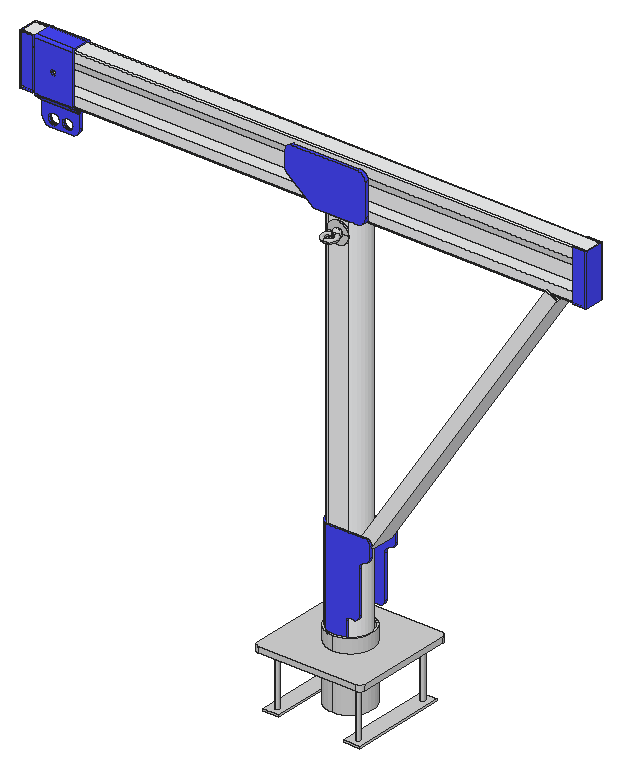
Revit family "FallProtection_DavitBase_Kattsafe_FloorMount_CastInBase", category Specialty Equipment, Revit 2025
Family settings
  Round Connector Dimension = Use Diameter
  Part Type = Normal
  OmniClass Number = 23.27.71.21
  Work Plane-Based = No
  Enable Cutting in Views = No
  Always vertical = Yes
  Cut with Voids When Loaded = Yes
  Maintain Annotation Orientation = No
  Shared = No
  Room Calculation Point = No
Parameters (values of type "1000mm Reach - 1600H (OH510.1600 + OH522)")
  Uniclass2015Version = "Products v1.23"
  Uniclass2015Title = "Davit arms"
  Uniclass2015Code = "Pr_40_70_75_21"
  URL = "https://kattsafe.com.au/"
  Type IFC Predefined Type = "USERDEFINED"
  Type Comments = "1000mm Reach - 1600mm Height Clearance"
  SafetyDisclaimer [instance] = "WARNING! The correct placement of access, fall protection and facade maintenance systems is critical to ensure it is fit-for-purpose and safe for the operator to use. Did you know Kattsafe® have a dedicated team of Height Safety System Design Specialists? Kattsafe® provide one-on-one consultation and system design assistance to ensure you are meeting the stringent requirements of height safety and to give you PEACE OF MIND with your project."  # constant formula
  RightOffset = 907 mm
  OperationalRangeVis [instance] = yes
  OperationalRangeRadius = 1070 mm
  OperationalRangeOA = 1199 mm
  ModifiedIssue = 20240430
  Model = "OH510.1600 + OH522"
  ManufacturerURLProductSpecific = "https://kattsafe.com.au/products/davits-needles/davits"
  ManufacturerSpecCode = Model  # "OH510.1600 + OH522"
  ManufacturerOverallWidth = 2106 mm
  ManufacturerOverallHeight = 1850 mm
  ManufacturerOverallDepth = 400 mm
  ManufacturerHeightFromFFL [instance] = 0 mm
  Manufacturer = "Kattsafe®"  # constant formula
  IfcExportType = "USERDEFINED"
  IfcExportAs = "IfcElementComponentType"
  Export Type to IFC As = "IfcElementComponentType"
  ElementType = "Fall Protection"
  Description = "Kattsafe davits are designed as a cantilevered anchorage device over balustrades, parapets and curtain walls for rope access work."  # constant formula
  Default Elevation = 0 mm
  DavitArmVis = yes
  CreatedByURL = "https://igsgroup.com.au"
  CreatedBy = "IGS BIM Solutions"  # constant formula
  BaseMaterial = Steel_Stainless_Kattsafe_Satin
  Assembly Code = "E1090100"
  ArmWidth = 2106 mm
  ArmVerticalOffset [instance] = ManufacturerHeightFromFFL - 170 mm  # -170 mm
  ArmMaterial = Aluminum_Kattsafe_Satin
  ArmHeight = 1800 mm
  ArmBracketMaterial = Steel_PowderCoat_Kattsafe_Blue
Types (5, lengths in mm): name | Type Comments | RightOffset | OperationalRangeVis | OperationalRangeRadius | OperationalRangeOA | Model | ManufacturerSpecCode | ManufacturerOverallWidth | ManufacturerOverallHeight | ManufacturerHeightFromFFL | DavitArmVis | ArmWidth | ArmVerticalOffset | ArmHeight
  Base Only (OH522) | "Base Only" | 200 | no | 1070 | 1199 | "OH522" | "OH522" | 400 | 270 | 0 | no | 2506 | -170 | 2400
  1000mm Reach - 1600H (OH510.1600 + OH522) | "1000mm Reach - 1600mm Height Clearance" | 907 | yes | 1070 | 1199 | "OH510.1600 + OH522" | "OH510.1600 + OH522" | 2106 | 1850 | 0 | yes | 2106 | -170 | 1800
  1000mm Reach - 2200H (OH510.2200 + OH522) | "1000mm Reach - 2200mm Height Clearance" | 907 | yes | 1070 | 1199 | "OH510.2200 + OH522" | "OH510.2200 + OH522" | 2106 | 2450 | 0 | yes | 2106 | -170 | 2400
  1400mm Reach - 1600H (OH514.1600 + OH522) | "1400mm Reach - 1600mm Height Clearance" | 907 | yes | 1470 | 1599 | "OH514.1600 + OH522" | "OH514.1600 + OH522" | 2506 | 1850 | 0 | yes | 2506 | -170 | 1800
  1400mm Reach - 2200H (OH514.2200 + OH522) | "1400mm Reach - 2200mm Height Clearance" | 907 | yes | 1470 | 1599 | "OH514.2200 + OH522" | "OH514.2200 + OH522" | 2506 | 2450 | 500 | yes | 2506 | 330 | 2400
Reference planes
  plane 1 "Center (Front/Back)": y = 0
  plane 2 "Ref. Level": z = 0
  plane 3 "Base Centre (Left/Right)": x = 0
  plane 4 "Back": y = 200
  plane 5 "Front": y = -200
  plane 6 "BaseRight": x = 200
  plane 7 "BaseLeft": x = -200
  plane 8 "FixingLevel": z = 0
  plane 9 "Top": z = 1630
  plane 10 "Right": x = 907
  plane 11 "Left": x = -1199
  plane 12 "Bottom": z = -220
  plane 13 "BaseTop": z = 50
Forms (mm)
  Extrusion 1, solid, material "Steel_Stainless_Kattsafe_Satin" <- "BaseMaterial"
    sketch origin (0, 0, 0) x (0, -1, 0) y (1, 0, 0)
      loop
        arc (-200, -180) -> (-194.142, -194.142) -> (-180, -200) r 20
        line (-180, -200) -> (180, -200)
        arc (180, -200) -> (194.142, -194.142) -> (200, -180) r 20
        line (200, -180) -> (200, 180)
        arc (200, 180) -> (194.142, 194.142) -> (180, 200) r 20
        line (180, 200) -> (-180, 200)
        arc (-180, 200) -> (-194.142, 194.142) -> (-200, 180) r 20
        line (-200, 180) -> (-200, -180)
      loop
        circle (0, 0) r 82.55
    from 0 to -20
  Extrusion 2, solid, material "Steel_Stainless_Kattsafe_Satin" <- "BaseMaterial"
    sketch origin (0, 0, 0) x (0, -1, 0) y (1, 0, 0)
      loop
        circle (0, 0) r 77.15
      loop
        circle (0, 0) r 82.55
    from -206 to 50
  Extrusion 3, solid, material "Steel_Stainless_Kattsafe_Satin" <- "BaseMaterial"
    sketch origin (0, 0, 0) x (0, -1, 0) y (1, 0, 0)
      loop
        circle (-150, 150) r 8
      loop
        circle (150, 150) r 8
      loop
        circle (-150, -150) r 8
      loop
        circle (150, -150) r 8
    from -214 to -20
  Extrusion 4, solid, material "Steel_Stainless_Kattsafe_Satin" <- "BaseMaterial"
    sketch origin (0, 0, -220) x (0, -1, 0) y (1, 0, 0)
      loop
        line (-180, -180) -> (180, -180) -> (180, -120) -> (-180, -120) -> (-180, -180)
      loop
        line (-180, 180) -> (-180, 120) -> (180, 120) -> (180, 180) -> (-180, 180)
    from 6 to 0
  Extrusion 5, solid, material "Steel_Stainless_Kattsafe_Satin" <- "BaseMaterial"
    sketch origin (0, 0, -220) x (0, -1, 0) y (1, 0, 0)
      loop
        circle (0, 0) r 77.15
    from 20 to 14
  Extrusion 6, void
    sketch origin (0, 0, 0) x (0, -1, 0) y (1, 0, 0)
      loop
        arc (-200, -180) -> (-194.142, -194.142) -> (-180, -200) r 20
        line (-180, -200) -> (180, -200)
        arc (180, -200) -> (194.142, -194.142) -> (200, -180) r 20
        line (200, -180) -> (200, 180)
        arc (200, 180) -> (194.142, 194.142) -> (180, 200) r 20
        line (180, 200) -> (-180, 200)
        arc (-180, 200) -> (-194.142, 194.142) -> (-200, 180) r 20
        line (-200, 180) -> (-200, -180)
    from -20 to 0
  Extrusion 7, void
    sketch origin (0, 0, 0) x (0, -1, 0) y (1, 0, 0)
      loop
        circle (0, 0) r 82.55
    from -20 to -214
Cuts and joins
  joined: Extrusion 1, Extrusion 3, Extrusion 4
  joined: Extrusion 2, Extrusion 5
Lines and regions (mm)
  Masking region 1
    outline origin (0, 0, 0) x (0, -1, 0) y (1, 0, 0)
      loop
        arc (-200, -180) -> (-194.142, -194.142) -> (-180, -200) r 20
        line (-180, -200) -> (180, -200)
        arc (180, -200) -> (194.142, -194.142) -> (200, -180) r 20
        line (200, -180) -> (200, 180)
        arc (200, 180) -> (194.142, 194.142) -> (180, 200) r 20
        line (180, 200) -> (-180, 200)
        arc (-180, 200) -> (-194.142, 194.142) -> (-200, 180) r 20
        line (-200, 180) -> (-200, -180)
  symbolic lines, style "Fall Arrest Systems", detail levels medium+fine
    curve 1: circle (0, 0, 50) r 82.55 normal (0, 0, 1)
  symbolic lines, style "Fall Arrest Systems", detail levels fine
    curve 2: circle (0, 0, 50) r 77.15 normal (0, 0, -1)
Text (mm)
  text "Disclaimer:\nDue to ongoing product development and manufacturing \nevolution, product details are subject to change without \nnotice. Please refer to product technical data sheets on \nthe manufacturers website for the most current product \ninformation. Please allow a +/- 5mm manufacturing \ntolerance for dimensions and set-outs shown in product \nliterature." at (1573.542, 159.228, 0), in view "Ref. Level"
Dimensions and locks
  equal spacing: plane 7 "BaseLeft", plane 3 "Base Centre (Left/Right)", plane 6 "BaseRight"
  equal spacing: plane 5 "Front", plane 1 "Center (Front/Back)", plane 4 "Back"
  "ManufacturerOverallDepth": plane 5 "Front" to plane 4 "Back"
  "ManufacturerHeightFromFFL": plane 8 "FixingLevel" to plane 2 "Ref. Level"
  "ManufacturerOverallWidth": plane 11 "Left" to plane 10 "Right"
  "RightOffset": plane 3 "Base Centre (Left/Right)" to plane 10 "Right"
  plane 7 "BaseLeft" to plane 6 "BaseRight" = 400 mm
  locked: plane 8 "FixingLevel" to plane 12 "Bottom" at 220
  "ManufacturerOverallHeight": plane 9 "Top" to plane 12 "Bottom"
  locked: plane 13 "BaseTop" to plane 12 "Bottom" at 270
  aligned and locked: level to plane 2 "Ref. Level"
Automatic sketch dimensions
  Extrusion 2 sketch curve to Extrusion 2 sketch curve = 0 mm  (x2)
  plane 1 "Center (Front/Back)" to Extrusion 2 sketch curve = 0 mm
  Extrusion 2 sketch curve to plane 3 "Base Centre (Left/Right)" = 0 mm
  plane 4 "Back" to Extrusion 1 sketch curve = 0 mm
  Extrusion 1 sketch curve to plane 7 "BaseLeft" = 0 mm
  Extrusion 1 sketch curve to plane 6 "BaseRight" = 0 mm
  plane 1 "Center (Front/Back)" to Extrusion 1 sketch curve = 0 mm
  plane 5 "Front" to Extrusion 1 sketch curve = 0 mm
  Extrusion 1 sketch curve to plane 3 "Base Centre (Left/Right)" = 0 mm
  plane 4 "Back" to Extrusion 1 sketch curve = 20 mm  (x2)
  Extrusion 1 sketch curve to plane 5 "Front" = 20 mm  (x2)
  plane 4 "Back" to Extrusion 3 sketch curve = 50 mm  (x2)
  Extrusion 3 sketch curve to plane 5 "Front" = 50 mm  (x2)
  plane 7 "BaseLeft" to Extrusion 3 sketch curve = 50 mm  (x2)
  Extrusion 3 sketch curve to plane 6 "BaseRight" = 50 mm  (x2)
  plane 4 "Back" to Extrusion 4 sketch curve = 20 mm  (x2)
  Extrusion 4 sketch curve to plane 5 "Front" = 20 mm  (x2)
  plane 7 "BaseLeft" to Extrusion 4 sketch curve = 20 mm
  Extrusion 4 sketch curve to Extrusion 4 sketch curve = 60 mm
  Extrusion 4 sketch curve to plane 6 "BaseRight" = 80 mm
  Extrusion 4 sketch curve to plane 6 "BaseRight" = 20 mm
  plane 4 "Back" to Masking region 1 sketch curve = 0 mm
  Masking region 1 sketch curve to plane 7 "BaseLeft" = 0 mm
  Masking region 1 sketch curve to plane 6 "BaseRight" = 0 mm
  plane 5 "Front" to Masking region 1 sketch curve = 0 mm
  plane 4 "Back" to Masking region 1 sketch curve = 20 mm  (x2)
  Masking region 1 sketch curve to plane 5 "Front" = 20 mm  (x2)
  Extrusion 5 sketch curve to Extrusion 5 sketch curve = 0 mm  (x2)
  Extrusion 5 sketch curve to plane 3 "Base Centre (Left/Right)" = 0 mm
  plane 1 "Center (Front/Back)" to Extrusion 5 sketch curve = 0 mm
  Extrusion 5 sketch curve to plane 1 "Center (Front/Back)" = 77.15 mm
  plane 4 "Back" to Extrusion 6 sketch curve = 0 mm
  Extrusion 6 sketch curve to plane 7 "BaseLeft" = 0 mm
  Extrusion 6 sketch curve to plane 6 "BaseRight" = 0 mm
  plane 5 "Front" to Extrusion 6 sketch curve = 0 mm
  plane 4 "Back" to Extrusion 6 sketch curve = 20 mm  (x2)
  Extrusion 6 sketch curve to plane 5 "Front" = 20 mm
  Extrusion 6 sketch curve to Extrusion 6 sketch curve = 20 mm
  plane 1 "Center (Front/Back)" to Extrusion 7 sketch curve = 0 mm
  Extrusion 7 sketch curve to plane 3 "Base Centre (Left/Right)" = 0 mm
  curve 1 to curve 2 = 0 mm  (x2)
  plane 1 "Center (Front/Back)" to curve 2 = 0 mm
  curve 2 to plane 3 "Base Centre (Left/Right)" = 0 mm
  radius of Extrusion 2 sketch curve = 77.15 mm
  radius of Extrusion 2 sketch curve = 82.55 mm
  radius of Extrusion 1 sketch curve = 82.55 mm
  radius of Extrusion 3 sketch curve = 8 mm  (x4)
  radius of Extrusion 7 sketch curve = 82.55 mm
  radius of curve 1 = 82.55 mm
  radius of curve 2 = 77.15 mm
Nested families
  nested 1: "Ropeaccess_Davitarm_Kattsafe" at (607, 0, -170), visible <- "DavitArmVis", built-in parameter 1001364 <- "ArmVerticalOffset", ManufacturerOverallHeight <- "ArmHeight", ManufacturerOverallWidth <- "ArmWidth", type "Type 1"
    with ManufacturerOverallWidth 2106 mm, ManufacturerOverallHeight 1800 mm, ManufacturerHeightFromFFL 0 mm
  nested 2: "OperationalReach_DavitArm_Kattsafe" at (0, 0, 0) x (-0.7071, -0.7071, 0) z (0, 0, -1), OperationalReach <- "OperationalRangeOA", visible <- "OperationalRangeVis", CircleRadius <- "OperationalRangeRadius", type "Type 1"
    with OperationalReach 1199 mm, CircleVis yes, CircleRadius 1070 mm
  nested 3: "OperationalReach_DavitArm_Kattsafe" at (0, 0, 0) x (0.7071, -0.7071, 0) z (0, 0, -1), OperationalReach <- "OperationalRangeOA", visible <- "OperationalRangeVis", type "Type 1"
    with OperationalReach 1199 mm, CircleVis no, CircleRadius 1070 mm
  nested 4: "OperationalReach_DavitArm_Kattsafe" at (0, 0, 0) x (-1, 0, 0) z (0, 0, -1), OperationalReach <- "OperationalRangeOA", visible <- "OperationalRangeVis", type "Type 1"
    with OperationalReach 1199 mm, CircleVis no, CircleRadius 1070 mm
  nested 5: "OperationalReach_DavitArm_Kattsafe" at (0, 0, 0) x (-0.7071, 0.7071, 0) z (0, 0, -1), OperationalReach <- "OperationalRangeOA", visible <- "OperationalRangeVis", type "Type 1"
    with OperationalReach 1199 mm, CircleVis no, CircleRadius 1070 mm
  nested 6: "OperationalReach_DavitArm_Kattsafe" at (0, 0, 0) x (0, 1, 0) z (0, 0, -1), OperationalReach <- "OperationalRangeOA", visible <- "OperationalRangeVis", type "Type 1"
    with OperationalReach 1199 mm, CircleVis no, CircleRadius 1070 mm
  nested 7: "OperationalReach_DavitArm_Kattsafe" at (0, 0, 0) x (1, 0, 0) z (0, 0, -1), OperationalReach <- "OperationalRangeOA", visible <- "OperationalRangeVis", type "Type 1"
    with OperationalReach 1199 mm, CircleVis no, CircleRadius 1070 mm
  nested 8: "OperationalReach_DavitArm_Kattsafe" at (0, 0, 0) x (0.7071, 0.7071, 0) z (0, 0, -1), CircleRadius <- "OperationalRangeRadius", OperationalReach <- "OperationalRangeOA", visible <- "OperationalRangeVis", type "Type 1"
    with OperationalReach 1199 mm, CircleVis no, CircleRadius 1070 mm
Definition of nested family "Ropeaccess_Davitarm_Kattsafe"
  Parameters (values of type "Type 1")
    Uniclass2015Version = "Products v1.20"
    Uniclass2015Title = "Davit arms"
    Uniclass2015Code = "Pr_40_70_75_21"
    URL = "https://kattsafe.com.au/"
    Type IFC Predefined Type = "NOTDEFINED\r\nq"
    Type Comments = ""
    ModifiedIssue = 20210726
    Model = ""
    ManufacturerURLProductSpecific = ""
    ManufacturerSpecCode = Model  # ""
    ManufacturerOverallWidth [instance] = 2106 mm
    ManufacturerOverallHeight [instance] = 1805 mm
    ManufacturerOverallDepth = 246.6 mm
    ManufacturerHeightFromFFL [instance] = 0 mm
    Manufacturer = "Sayfa"  # constant formula
    IfcExportType = "NOTDEFINED\r\nq"
    IfcExportAs = "IfcElementComponentType"
    FixingMaterials = none
    Export Type to IFC As = "IfcElementComponentType"
    Description = "A Proprietary Facade Rope Access System Providing Access Over Non\r\nLoad-bearing Parapets, Balustrades And Curtain Walls"
    Default Elevation = 0 mm
    CreatedByURL = "https://igsgroup.com.au"
    CreatedBy = "IGS BIM Solutions"  # constant formula
    BracketMaterial = none
    ArmMaterial = none
  Reference planes
    plane 1 "Centre (Front/Back)": y = 0
    plane 2 "Ref. Level": z = 0
    plane 3 "MastCentre": x = -607
    plane 4 "Back": y = 123.3
    plane 5 "Front": y = -123.3
    plane 6 "Right": x = 300
    plane 7 "Left": x = -1806
    plane 8 "Bottom": z = 0
    plane 9 "Centre (Elevation)": z = 902.5
    plane 10 "Top": z = 1805
    plane 11 "BaseTop": z = 570
    plane 12 "BraceBottomPivot": z = 540
    plane 13 "ArmTop": z = 1800
    plane 14 "ArmBack": y = 35
    plane 15 "ArmFront": y = -35
    plane 16 "ArmBottom": z = 1610
    plane 17 "ArmLeft": x = -1803
    plane 18 "ArmRight": x = 297
    plane 19 "RiggingAnchor": x = -1677
    plane 20 "BraceTopPivot": z = 1630.005
    plane 21 "ArmBracePivot": x = 187
    plane 22 "ArmCentre_Elevation": z = 1705
    plane 23 "MastJoinTop": z = 1780
    plane 24 "MastJoinBottom": z = 1600
    plane 25 "MastJoinRight": x = -512
    plane 26 "MastJoinLeft": x = -812
    plane 27 "MastFront": y = -56.8
    plane 28 "MastBack": y = 56.8
    plane 29 "BraceTop": z = 1616.005
    plane 30 "BracketCentre": z = 1555
    plane 31 "BracketFrontCentre": y = -94
    plane 32 "BracketBackCentre": y = 94
  Forms (mm)
    Extrusion 1, solid, material <- "ArmMaterial"
      sketch origin (297, 0, 0) x (0, 1, 0) y (0, 0, 1)
        loop
          arc (30, 1610) -> (33.536, 1611.464) -> (35, 1615) r 5
          line (35, 1615) -> (35, 1650) -> (25, 1678) -> (25, 1732) -> (35, 1760) -> (35, 1795)
          arc (35, 1795) -> (33.536, 1798.536) -> (30, 1800) r 5
          line (30, 1800) -> (-30, 1800)
          arc (-30, 1800) -> (-33.536, 1798.536) -> (-35, 1795) r 5
          line (-35, 1795) -> (-35, 1760) -> (-25, 1732) -> (-25, 1678) -> (-35, 1650) -> (-35, 1615)
          arc (-35, 1615) -> (-33.536, 1611.464) -> (-30, 1610) r 5
          line (-30, 1610) -> (30, 1610)
      from -2100 to 0
    Extrusion 2, solid, material <- "BracketMaterial"
      sketch origin (0, 0, 1800) x (0, -1, 0) y (1, 0, 0)
        loop
          arc (34, -1806) -> (36.828, -1804.828) -> (38, -1802) r 4
          line (38, -1802) -> (38, -1756) -> (35, -1756) -> (35, -1802)
          arc (35, -1802) -> (34.707, -1802.707) -> (34, -1803) r 1
          line (34, -1803) -> (-34, -1803)
          arc (-34, -1803) -> (-34.707, -1802.707) -> (-35, -1802) r 1
          line (-35, -1802) -> (-35, -1756) -> (-38, -1756) -> (-38, -1802)
          arc (-38, -1802) -> (-36.828, -1804.828) -> (-34, -1806) r 4
          line (-34, -1806) -> (34, -1806)
        loop
          line (34, 300) -> (-34, 300)
          arc (-34, 300) -> (-36.828, 298.828) -> (-38, 296) r 4
          line (-38, 296) -> (-38, 250) -> (-35, 250) -> (-35, 296)
          arc (-35, 296) -> (-34.707, 296.707) -> (-34, 297) r 1
          line (-34, 297) -> (34, 297)
          arc (34, 297) -> (34.707, 296.707) -> (35, 296) r 1
          line (35, 296) -> (35, 250) -> (38, 250) -> (38, 296)
          arc (38, 296) -> (36.828, 298.828) -> (34, 300) r 4
      from 0 to -190
    Extrusion 3, solid, material <- "ArmMaterial"
      sketch origin (0, 0, 0) x (0, -1, 0) y (1, 0, 0)
        loop
          line (56.8, -647) -> (51.8, -647) -> (51.8, -567) -> (56.8, -567)
          arc (56.8, -567) -> (0, -537) -> (-56.8, -567) r 68.771
          line (-56.8, -567) -> (-51.8, -567) -> (-51.8, -647) -> (-56.8, -647)
          arc (-56.8, -647) -> (0, -677) -> (56.8, -647) r 68.771
      from 0 to 1600
    Extrusion 4, solid, material <- "BracketMaterial"
      sketch origin (0, -35, 0) x (1, 0, 0) y (0, 0, 1)
        loop
          line (-542, 1780) -> (-782, 1780)
          arc (-782, 1780) -> (-803.213, 1771.213) -> (-812, 1750) r 30
          line (-812, 1750) -> (-812, 1701.256)
          arc (-812, 1701.256) -> (-809.189, 1688.577) -> (-801.284, 1678.274) r 30
          line (-801.284, 1678.274) -> (-716.365, 1607.019)
          arc (-716.365, 1607.019) -> (-707.341, 1601.809) -> (-697.081, 1600) r 30
          line (-697.081, 1600) -> (-542, 1600)
          arc (-542, 1600) -> (-520.787, 1608.787) -> (-512, 1630) r 30
          line (-512, 1630) -> (-512, 1750)
          arc (-512, 1750) -> (-520.787, 1771.213) -> (-542, 1780) r 30
      from 0 to 12.508
    Extrusion 5, solid, material <- "BracketMaterial"
      sketch origin (0, 35, 0) x (1, 0, 0) y (0, 0, 1)
        loop
          line (-542, 1780) -> (-782, 1780)
          arc (-782, 1780) -> (-803.213, 1771.213) -> (-812, 1750) r 30
          line (-812, 1750) -> (-812, 1701.256)
          arc (-812, 1701.256) -> (-809.189, 1688.577) -> (-801.284, 1678.274) r 30
          line (-801.284, 1678.274) -> (-716.365, 1607.019)
          arc (-716.365, 1607.019) -> (-707.341, 1601.809) -> (-697.081, 1600) r 30
          line (-697.081, 1600) -> (-542, 1600)
          arc (-542, 1600) -> (-520.787, 1608.787) -> (-512, 1630) r 30
          line (-512, 1630) -> (-512, 1750)
          arc (-512, 1750) -> (-520.787, 1771.213) -> (-542, 1780) r 30
      from 0 to -12.5
    Extrusion 6, solid, material <- "ArmMaterial"
      sketch origin (0, 0, 1610) x (0, -1, 0) y (1, 0, 0)
        loop
          arc (-35, -667.427) -> (0, -677) -> (35, -667.427) r 68.771
          line (35, -667.427) -> (35, -546.573)
          arc (35, -546.573) -> (0, -537) -> (-35, -546.573) r 68.771
          line (-35, -546.573) -> (-35, -667.427)
      from 0 to -10
    Extrusion 7, solid, material <- "BracketMaterial"
      sketch origin (-1677, 0, 0) x (0, 1, 0) y (0, 0, 1)
        loop
          line (-30, 1800) -> (30, 1800)
          arc (30, 1800) -> (33.536, 1798.536) -> (35, 1795) r 5
          line (35, 1795) -> (35, 1610.432)
          arc (35, 1610.432) -> (34.918, 1610.035) -> (34.686, 1609.704) r 1
          line (34.686, 1609.704) -> (2.386, 1579.277)
          arc (2.386, 1579.277) -> (0.992, 1577.288) -> (0.5, 1574.909) r 6
          line (0.5, 1574.909) -> (0.5, 1495.5) -> (5.5, 1495.5) -> (5.5, 1574.909)
          arc (5.5, 1574.909) -> (5.582, 1575.306) -> (5.814, 1575.637) r 1
          line (5.814, 1575.637) -> (38.114, 1606.064)
          arc (38.114, 1606.064) -> (39.508, 1608.053) -> (40, 1610.432) r 6
          line (40, 1610.432) -> (40, 1795)
          arc (40, 1795) -> (37.071, 1802.071) -> (30, 1805) r 10
          line (30, 1805) -> (-30, 1805)
          arc (-30, 1805) -> (-37.071, 1802.071) -> (-40, 1795) r 10
          line (-40, 1795) -> (-40, 1610.432)
          arc (-40, 1610.432) -> (-39.508, 1608.053) -> (-38.114, 1606.064) r 6
          line (-38.114, 1606.064) -> (-5.814, 1575.637)
          arc (-5.814, 1575.637) -> (-5.582, 1575.306) -> (-5.5, 1574.909) r 1
          line (-5.5, 1574.909) -> (-5.5, 1495.5) -> (-0.5, 1495.5) -> (-0.5, 1574.909)
          arc (-0.5, 1574.909) -> (-0.992, 1577.288) -> (-2.386, 1579.277) r 6
          line (-2.386, 1579.277) -> (-34.686, 1609.704)
          arc (-34.686, 1609.704) -> (-34.918, 1610.035) -> (-35, 1610.432) r 1
          line (-35, 1610.432) -> (-35, 1795)
          arc (-35, 1795) -> (-33.536, 1798.536) -> (-30, 1800) r 5
      from -70 to 70
    Extrusion 8, void
      sketch origin (0, 0, 0) x (1, 0, 0) y (0, 0, 1)
        loop
          line (-1747, 1525.5) -> (-1747, 1495.5) -> (-1717, 1495.5)
          arc (-1717, 1495.5) -> (-1738.213, 1504.287) -> (-1747, 1525.5) r 30
        loop
          arc (-1607, 1525.5) -> (-1615.787, 1504.287) -> (-1637, 1495.5) r 30
          line (-1637, 1495.5) -> (-1607, 1495.5) -> (-1607, 1525.5)
        loop
          circle (-1677, 1705) r 9
        loop
          circle (-1703, 1525.5) r 20
        loop
          circle (-1651, 1525.5) r 20
      from -50 to 50
    Extrusion 9, solid, material <- "BracketMaterial"
      sketch origin (0, -56.8, 0) x (1, 0, 0) y (0, 0, 1)
        loop
          line (-569.5, 0) -> (-569.5, 275)
          arc (-569.5, 275) -> (-566.571, 282.071) -> (-559.5, 285) r 10
          line (-559.5, 285) -> (-542, 285)
          arc (-542, 285) -> (-527.858, 290.858) -> (-522, 305) r 20
          line (-522, 305) -> (-522, 465.214)
          arc (-522, 465.214) -> (-519.143, 475.515) -> (-511.389, 482.873) r 20
          line (-511.389, 482.873) -> (-492.611, 492.858)
          arc (-492.611, 492.858) -> (-484.857, 500.216) -> (-482, 510.517) r 20
          line (-482, 510.517) -> (-482, 550)
          arc (-482, 550) -> (-487.858, 564.142) -> (-502, 570) r 20
          line (-502, 570) -> (-644.5, 570) -> (-644.5, 0) -> (-569.5, 0)
      from 0 to 6
    Extrusion 10, solid, material <- "BracketMaterial"
      sketch origin (0, 56.8, 0) x (1, 0, 0) y (0, 0, -1)
        loop
          line (-569.5, 0) -> (-644.5, 0) -> (-644.5, -570) -> (-502, -570)
          arc (-502, -570) -> (-487.858, -564.142) -> (-482, -550) r 20
          line (-482, -550) -> (-482, -510.517)
          arc (-482, -510.517) -> (-484.857, -500.216) -> (-492.611, -492.858) r 20
          line (-492.611, -492.858) -> (-511.389, -482.873)
          arc (-511.389, -482.873) -> (-519.143, -475.515) -> (-522, -465.214) r 20
          line (-522, -465.214) -> (-522, -305)
          arc (-522, -305) -> (-527.858, -290.858) -> (-542, -285) r 20
          line (-542, -285) -> (-559.5, -285)
          arc (-559.5, -285) -> (-566.571, -282.071) -> (-569.5, -275) r 10
          line (-569.5, -275) -> (-569.5, 0)
      from 0 to 6
    Extrusion 11, solid, material <- "BracketMaterial"
      sketch origin (0, 0, 0) x (0, -1, 0) y (1, 0, 0)
        loop
          line (-62.8, -569.5) -> (-56.8, -569.5) -> (-56.8, -567)
          arc (-56.8, -567) -> (0, -537) -> (56.8, -567) r 68.771
          line (56.8, -567) -> (56.8, -569.5) -> (62.8, -569.5) -> (62.8, -565.784)
          arc (62.8, -565.784) -> (62.716, -565.21) -> (62.471, -564.685) r 2
          arc (62.471, -564.685) -> (0, -531) -> (-62.471, -564.685) r 74.771
          arc (-62.471, -564.685) -> (-62.716, -565.21) -> (-62.8, -565.784) r 2
          line (-62.8, -565.784) -> (-62.8, -569.5)
      from 0 to 100
    Extrusion 12, solid, material <- "BracketMaterial"
      sketch origin (0, 0, 570) x (0, -1, 0) y (1, 0, 0)
        loop
          line (-62.8, -644.5) -> (-62.8, -648.216)
          arc (-62.8, -648.216) -> (-62.716, -648.79) -> (-62.471, -649.315) r 2
          arc (-62.471, -649.315) -> (0, -683) -> (62.471, -649.315) r 74.771
          arc (62.471, -649.315) -> (62.716, -648.79) -> (62.8, -648.216) r 2
          line (62.8, -648.216) -> (62.8, -644.5) -> (56.8, -644.5) -> (56.8, -647)
          arc (56.8, -647) -> (0, -677) -> (-56.8, -647) r 68.771
          line (-56.8, -647) -> (-56.8, -644.5) -> (-62.8, -644.5)
      from 0 to -370
    Sweep 13, solid, material <- "ArmMaterial"
      path in 3D
        loop
          line (180.587, 0, 1616.005) -> (-512, 0, 540)
      profile origin (-165.706, 0, 1078.002) x (0.840869, 0, -0.541238) y (0, -1, 0)
        loop
          line (23, 50) -> (-23, 50) -> (-23, 45) -> (18, 45) -> (18, -45) -> (-23, -45) -> (-23, -50) -> (23, -50) -> (23, 50)
    Revolve 14, solid, material <- "FixingMaterials", detail levels medium+fine
      sketch origin (-607, 0, 0) x (0, 1, 0) y (0, 0, 1)
        loop
          circle (-117.05, 1555) r 6.25
        axis (-94, 1555) -> (-94, 1554)
      angle from 0 to 360
    Revolve 15, solid, material <- "FixingMaterials", detail levels medium+fine
      sketch origin (0, 0, 1555) x (0, -1, 0) y (1, 0, 0)
        loop
          arc (58.445, -590.448) -> (57.33, -590.551) -> (56.8, -591.538) r 1.183
          line (56.8, -591.538) -> (56.8, -567) -> (51.8, -567) -> (51.8, -607) -> (77.8, -607) -> (77.8, -600.001)
          arc (77.8, -600.001) -> (77.464, -598.886) -> (76.569, -598.142) r 2.02
          line (76.569, -598.142) -> (58.445, -590.448)
        axis (77.8, -607) -> (51.8, -607)
      angle from 0 to 360
    Revolve 16, solid, material <- "FixingMaterials", detail levels medium+fine
      sketch origin (-607, 0, 0) x (0, -1, 0) y (0, 0, 1)
        loop
          circle (-117.05, 1555) r 6.25
        axis (-94, 1555) -> (-94, 1554)
      angle from 0 to 360
    Revolve 17, solid, material <- "FixingMaterials", detail levels medium+fine
      sketch origin (0, 0, 1555) x (0, 1, 0) y (1, 0, 0)
        loop
          arc (58.445, -590.448) -> (57.33, -590.551) -> (56.8, -591.538) r 1.183
          line (56.8, -591.538) -> (56.8, -567) -> (51.8, -567) -> (51.8, -607) -> (77.8, -607) -> (77.8, -600.001)
          arc (77.8, -600.001) -> (77.464, -598.886) -> (76.569, -598.142) r 2.02
          line (76.569, -598.142) -> (58.445, -590.448)
        axis (77.8, -607) -> (51.8, -607)
      angle from 0 to 360
  Cuts and joins
    joined: Extrusion 3, Extrusion 6
    Extrusion 8 cuts Extrusion 7
    joined: Extrusion 9, Extrusion 10, Extrusion 11, Extrusion 12
    joined: Revolve 14, Revolve 15
  Lines and regions (mm)
    Masking region 1
      outline origin (0, 0, 0) x (0, -1, 0) y (1, 0, 0)
        loop
          arc (34, -1806) -> (36.828, -1804.828) -> (38, -1802) r 4
          line (38, -1802) -> (38, -1756) -> (35, -1756) -> (35, -1742) -> (40, -1742) -> (40, -1607) -> (35, -1607) -> (35, -812) -> (47.5, -812) -> (47.5, -665.974)
          arc (47.5, -665.974) -> (55.814, -657.984) -> (62.8, -648.81) r 74.771
          line (62.8, -648.81) -> (62.8, -621.715) -> (67.396, -619.765)
          arc (67.396, -619.765) -> (122.986, -607.325) -> (67.532, -594.293) r 29.222
          line (67.532, -594.293) -> (62.8, -592.285) -> (62.8, -482) -> (56.8, -482) -> (56.8, -557.145)
          arc (56.8, -557.145) -> (52.349, -552.383) -> (47.5, -548.026) r 74.771
          line (47.5, -548.026) -> (47.5, -531.34) -> (50, -531.34) -> (50, 236.374) -> (45, 236.374) -> (45, 199.927) -> (35, 199.927) -> (35, 250) -> (38, 250) -> (38, 296)
          arc (38, 296) -> (36.828, 298.828) -> (34, 300) r 4
          line (34, 300) -> (-34, 300)
          arc (-34, 300) -> (-36.828, 298.828) -> (-38, 296) r 4
          line (-38, 296) -> (-38, 250) -> (-35, 250) -> (-35, 199.927) -> (-45, 199.927) -> (-45, 236.374) -> (-50, 236.374) -> (-50, -531.34) -> (-47.5, -531.34) -> (-47.5, -548.026)
          arc (-47.5, -548.026) -> (-52.349, -552.383) -> (-56.8, -557.145) r 74.771
          line (-56.8, -557.145) -> (-56.8, -482) -> (-62.8, -482) -> (-62.8, -592.285) -> (-67.532, -594.293)
          arc (-67.532, -594.293) -> (-122.986, -607.325) -> (-67.396, -619.765) r 29.222
          line (-67.396, -619.765) -> (-62.8, -621.715) -> (-62.8, -648.81)
          arc (-62.8, -648.81) -> (-55.814, -657.984) -> (-47.5, -665.974) r 74.771
          line (-47.5, -665.974) -> (-47.5, -812) -> (-35, -812) -> (-35, -1607) -> (-40, -1607) -> (-40, -1742) -> (-35, -1742) -> (-35, -1756) -> (-38, -1756) -> (-38, -1802)
          arc (-38, -1802) -> (-36.828, -1804.828) -> (-34, -1806) r 4
          line (-34, -1806) -> (34, -1806)
        loop
          line (77.8, -602.55) -> (77.8, -611.45)
          arc (77.8, -611.45) -> (110.8, -607) -> (77.8, -602.55) r 16.8
        loop
          arc (-77.8, -602.55) -> (-110.8, -607) -> (-77.8, -611.45) r 16.8
          line (-77.8, -611.45) -> (-77.8, -602.55)
    reference lines
      curve 1: line (180.587, 0, 1616.005) -> (-512, 0, 540)
    sketch lines
      curve 2: line (180.587, 0, 1616.005) -> (-512, 0, 540)
    symbolic lines, detail levels medium+fine
      curve 3: line (-1756, -35, 1555) -> (-1802, -35, 1555)
      curve 4: arc (-1802, -35, 1555) -> (-1802.707, -34.707, 1555) -> (-1803, -34, 1555) r 1
      curve 5: line (-1803, 34, 1555) -> (-1803, -34, 1555)
      curve 6: line (-1756, 35, 1555) -> (-1802, 35, 1555)
      curve 7: arc (-1802, 35, 1555) -> (-1802.707, 34.707, 1555) -> (-1803, 34, 1555) r 1
      curve 8: line (-1742, 35, 1555) -> (-1742, -35, 1555)
      curve 9: line (-1607, 35, 1555) -> (-1607, -35, 1555)
      curve 10: line (-812, -35, 1555) -> (-402, -35, 1555)
      curve 11: line (-812, 35, 1555) -> (-402, 35, 1555)
      curve 12: line (-665.974, -47.5, 1555) -> (-548.026, -47.5, 1555)
      curve 13: line (-665.974, 47.5, 1555) -> (-548.026, 47.5, 1555)
      curve 14: line (199.927, -45, 1555) -> (-402, -45, 1555)
      curve 15: line (-402, -35, 1555) -> (199.927, -35, 1555)
      curve 16: line (199.927, 35, 1555) -> (-402, 35, 1555)
      curve 17: line (199.927, 45, 1555) -> (-402, 45, 1555)
      curve 18: arc (-647, 56.8, 1555) -> (-652.724, 52.437, 1555) -> (-657.96, 47.5, 1555) r 68.771
      curve 19: line (-647, 56.8, 1555) -> (-557.145, 56.8, 1555)
      curve 20: line (-647, -56.8, 1555) -> (-557.145, -56.8, 1555)
      curve 21: arc (-647, -56.8, 1555) -> (-652.724, -52.437, 1555) -> (-657.96, -47.5, 1555) r 68.771
      curve 22: line (250, -35, 1555) -> (296, -35, 1555)
      curve 23: arc (296, -35, 1555) -> (296.707, -34.707, 1555) -> (297, -34, 1555) r 1
      curve 24: line (297, 34, 1555) -> (297, -34, 1555)
      curve 25: line (250, 35, 1555) -> (296, 35, 1555)
      curve 26: arc (296, 35, 1555) -> (296.707, 34.707, 1555) -> (297, 34, 1555) r 1
  Text (mm)
    text "Disclaimer:\nDue to ongoing product development and manufacturing \nevolution, product details are subject to change without \nnotice. Please refer to product technical data sheets on \nthe manufacturers website for the most current product \ninformation. Please allow a +/- 5mm manufacturing \ntolerance for dimensions and set-outs shown in product \nliterature." at (985.527, 159.228, 0), in view "Ref. Level"
  Dimensions and locks
    "ManufacturerOverallWidth": plane 7 "Left" to plane 6 "Right"
    equal spacing: plane 5 "Front", plane 1 "Centre (Front/Back)", plane 4 "Back"
    "ManufacturerOverallDepth": plane 5 "Front" to plane 4 "Back"
    equal spacing: plane 10 "Top", plane 9 "Centre (Elevation)", plane 8 "Bottom"
    "ManufacturerOverallHeight": plane 10 "Top" to plane 8 "Bottom"
    "ManufacturerHeightFromFFL": plane 8 "Bottom" to plane 2 "Ref. Level"
    plane 11 "BaseTop" to plane 12 "BraceBottomPivot" = 30 mm
    locked: plane 11 "BaseTop" to plane 8 "Bottom" at 570
    locked: plane 10 "Top" to plane 13 "ArmTop" at 5
    locked: plane 3 "MastCentre" to plane 6 "Right" at 907
    locked: plane 15 "ArmFront" to plane 14 "ArmBack" at 70
    equal spacing: plane 15 "ArmFront", plane 1 "Centre (Front/Back)", plane 14 "ArmBack"
    locked: plane 13 "ArmTop" to plane 16 "ArmBottom" at 190
    locked: plane 7 "Left" to plane 17 "ArmLeft" at 3
    locked: plane 18 "ArmRight" to plane 6 "Right" at 3
    locked: plane 17 "ArmLeft" to plane 19 "RiggingAnchor" at 126
    plane 20 "BraceTopPivot" to plane 16 "ArmBottom" = 20.005 mm
    locked: plane 21 "ArmBracePivot" to plane 18 "ArmRight" at 110
    equal spacing: plane 13 "ArmTop", plane 22 "ArmCentre_Elevation", plane 16 "ArmBottom"
    locked: plane 13 "ArmTop" to plane 23 "MastJoinTop" at 20
    plane 16 "ArmBottom" to plane 24 "MastJoinBottom" = 10 mm
    locked: plane 27 "MastFront" to plane 15 "ArmFront" at 21.8
    locked: plane 14 "ArmBack" to plane 28 "MastBack" at 21.8
    locked: plane 20 "BraceTopPivot" to plane 29 "BraceTop" at 14
    locked: plane 24 "MastJoinBottom" to plane 30 "BracketCentre" at 45
    locked: plane 31 "BracketFrontCentre" to plane 1 "Centre (Front/Back)" at 94
    locked: plane 1 "Centre (Front/Back)" to plane 32 "BracketBackCentre" at 94
    locked: plane 26 "MastJoinLeft" to plane 3 "MastCentre" at 205
    locked: plane 3 "MastCentre" to plane 25 "MastJoinRight" at 95
    aligned and locked: level to plane 2 "Ref. Level"
    aligned and locked: Extrusion 1 to plane 17 "ArmLeft"
    aligned and locked: plane 6 "Right" to Extrusion 2 sketch curve
    aligned and locked: Extrusion 2 sketch curve to plane 18 "ArmRight"
    aligned and locked: plane 7 "Left" to Extrusion 2 sketch curve
    aligned and locked: Extrusion 2 sketch curve to plane 17 "ArmLeft"
    aligned and locked: plane 16 "ArmBottom" to Extrusion 2
    aligned and locked: cut or joined group of Extrusion 3, Extrusion 6 to plane 24 "MastJoinBottom"
    aligned and locked: plane 29 "BraceTop" to curve 1
  Automatic sketch dimensions
    Extrusion 2 sketch curve to Extrusion 2 sketch curve = 0 mm  (x8)
    plane 14 "ArmBack" to Extrusion 2 sketch curve = 0 mm  (x2)
    plane 15 "ArmFront" to Extrusion 2 sketch curve = 0 mm  (x2)
    plane 14 "ArmBack" to Extrusion 2 sketch curve = 1 mm
    Extrusion 2 sketch curve to Extrusion 2 sketch curve = 1 mm  (x2)
    Extrusion 2 sketch curve to plane 15 "ArmFront" = 1 mm
    Extrusion 2 sketch curve to Extrusion 2 sketch curve = 46 mm  (x4)
    Extrusion 3 sketch curve to plane 28 "MastBack" = 0 mm  (x2)
    plane 1 "Centre (Front/Back)" to Extrusion 3 sketch curve = 0 mm  (x2)
    plane 27 "MastFront" to Extrusion 3 sketch curve = 0 mm  (x2)
    Extrusion 3 sketch curve to Extrusion 3 sketch curve = 5 mm  (x2)
    Extrusion 3 sketch curve to plane 3 "MastCentre" = 40 mm
    Extrusion 3 sketch curve to plane 3 "MastCentre" = 1.229 mm
    plane 3 "MastCentre" to Extrusion 3 sketch curve = 1.229 mm
    plane 3 "MastCentre" to Extrusion 3 sketch curve = 40 mm
    plane 14 "ArmBack" to Extrusion 6 sketch curve = 0 mm
    plane 1 "Centre (Front/Back)" to Extrusion 6 sketch curve = 0 mm  (x2)
    plane 15 "ArmFront" to Extrusion 6 sketch curve = 0 mm
    Extrusion 6 sketch curve to plane 3 "MastCentre" = 60.427 mm
    Extrusion 6 sketch curve to plane 3 "MastCentre" = 1.229 mm
    plane 3 "MastCentre" to Extrusion 6 sketch curve = 1.229 mm
    Extrusion 6 sketch curve to plane 25 "MastJoinRight" = 34.573 mm
    Extrusion 8 sketch curve to plane 19 "RiggingAnchor" = 0 mm
    Extrusion 8 sketch curve to plane 22 "ArmCentre_Elevation" = 0 mm
    Extrusion 8 sketch curve to plane 19 "RiggingAnchor" = 26 mm
    Extrusion 8 sketch curve to Extrusion 8 sketch curve = 14 mm  (x2)
    Extrusion 8 sketch curve to Extrusion 8 sketch curve = 30 mm  (x3)
    plane 19 "RiggingAnchor" to Extrusion 8 sketch curve = 26 mm
    plane 30 "BracketCentre" to Extrusion 8 sketch curve = 29.5 mm  (x3)
    Extrusion 8 sketch curve to Extrusion 8 sketch curve = 0 mm  (x4)
    Extrusion 9 sketch curve to plane 8 "Bottom" = 0 mm
    Extrusion 9 sketch curve to plane 11 "BaseTop" = 0 mm
    Extrusion 9 sketch curve to plane 3 "MastCentre" = 37.5 mm
    plane 3 "MastCentre" to Extrusion 9 sketch curve = 37.5 mm
    Extrusion 9 sketch curve to Extrusion 9 sketch curve = 10 mm
    Extrusion 9 sketch curve to Extrusion 9 sketch curve = 17.5 mm
    Extrusion 9 sketch curve to plane 25 "MastJoinRight" = 10 mm
    plane 25 "MastJoinRight" to Extrusion 9 sketch curve = 0.611 mm
    plane 25 "MastJoinRight" to Extrusion 9 sketch curve = 10 mm  (x3)
    plane 25 "MastJoinRight" to Extrusion 9 sketch curve = 19.389 mm
    Extrusion 9 sketch curve to plane 12 "BraceBottomPivot" = 10 mm
    plane 12 "BraceBottomPivot" to Extrusion 9 sketch curve = 265 mm
    plane 12 "BraceBottomPivot" to Extrusion 9 sketch curve = 74.786 mm
    Extrusion 9 sketch curve to Extrusion 9 sketch curve = 9.985 mm
    Extrusion 10 sketch curve to plane 8 "Bottom" = 0 mm
    Extrusion 10 sketch curve to plane 11 "BaseTop" = 0 mm
    plane 3 "MastCentre" to Extrusion 10 sketch curve = 37.5 mm
    Extrusion 10 sketch curve to plane 3 "MastCentre" = 37.5 mm
    Extrusion 10 sketch curve to Extrusion 10 sketch curve = 10 mm
    Extrusion 10 sketch curve to Extrusion 10 sketch curve = 17.5 mm
    plane 25 "MastJoinRight" to Extrusion 10 sketch curve = 10 mm
    Extrusion 10 sketch curve to plane 25 "MastJoinRight" = 0.611 mm
    Extrusion 10 sketch curve to plane 25 "MastJoinRight" = 10 mm  (x3)
    Extrusion 10 sketch curve to plane 25 "MastJoinRight" = 19.389 mm
    plane 12 "BraceBottomPivot" to Extrusion 10 sketch curve = 10 mm
    Extrusion 10 sketch curve to plane 12 "BraceBottomPivot" = 265 mm
    Extrusion 10 sketch curve to plane 12 "BraceBottomPivot" = 74.786 mm
    Extrusion 10 sketch curve to Extrusion 10 sketch curve = 9.985 mm
    Extrusion 11 sketch curve to Extrusion 11 sketch curve = 0 mm  (x3)
    Extrusion 11 sketch curve to plane 28 "MastBack" = 0 mm
    plane 1 "Centre (Front/Back)" to Extrusion 11 sketch curve = 0 mm
    plane 27 "MastFront" to Extrusion 11 sketch curve = 0 mm
    plane 28 "MastBack" to Extrusion 11 sketch curve = 4 mm
    Extrusion 11 sketch curve to Extrusion 11 sketch curve = 2 mm  (x2)
    plane 27 "MastFront" to Extrusion 11 sketch curve = 4 mm
    plane 3 "MastCentre" to Extrusion 11 sketch curve = 1.229 mm
    plane 3 "MastCentre" to Extrusion 11 sketch curve = 37.5 mm  (x2)
    Extrusion 11 sketch curve to Extrusion 11 sketch curve = 2.5 mm
    Extrusion 11 sketch curve to Extrusion 11 sketch curve = 3.716 mm  (x2)
    Extrusion 12 sketch curve to Extrusion 12 sketch curve = 0 mm  (x3)
    Extrusion 12 sketch curve to plane 28 "MastBack" = 0 mm
    plane 1 "Centre (Front/Back)" to Extrusion 12 sketch curve = 0 mm
    plane 27 "MastFront" to Extrusion 12 sketch curve = 0 mm
    plane 28 "MastBack" to Extrusion 12 sketch curve = 4 mm
    Extrusion 12 sketch curve to Extrusion 12 sketch curve = 2 mm  (x2)
    plane 27 "MastFront" to Extrusion 12 sketch curve = 4 mm
    Extrusion 12 sketch curve to plane 3 "MastCentre" = 41.216 mm  (x2)
    Extrusion 12 sketch curve to Extrusion 12 sketch curve = 1.216 mm
    Extrusion 12 sketch curve to Extrusion 12 sketch curve = 3.716 mm
    Extrusion 12 sketch curve to Extrusion 12 sketch curve = 2.5 mm
    Extrusion 12 sketch curve to plane 3 "MastCentre" = 1.229 mm
    curve 1 to plane 12 "BraceBottomPivot" = 0 mm
    curve 1 to plane 25 "MastJoinRight" = 0 mm
    curve 1 to plane 21 "ArmBracePivot" = 6.413 mm
    profile plane to Sweep 13 sketch curve = 23 mm  (x2)
    Sweep 13 sketch curve to profile plane = 18 mm
    Sweep 13 sketch curve to Sweep 13 sketch curve = 5 mm  (x3)
    Sweep 13 sketch curve to profile plane = 50 mm
    profile plane to Sweep 13 sketch curve = 45 mm
    plane 30 "BracketCentre" to Revolve 14 sketch curve = 0 mm
    Revolve 14 sketch curve to plane 31 "BracketFrontCentre" = 0 mm
    Revolve 14 sketch curve to plane 5 "Front" = 6.25 mm
    plane 22 "ArmCentre_Elevation" to Revolve 14 sketch curve = 25 mm
    plane 23 "MastJoinTop" to Revolve 14 sketch curve = 35 mm
    Revolve 15 sketch curve to plane 3 "MastCentre" = 0 mm  (x2)
    Revolve 15 sketch curve to plane 27 "MastFront" = 0 mm
    Revolve 15 sketch curve to plane 27 "MastFront" = 5 mm
    plane 27 "MastFront" to Revolve 15 sketch curve = 1.183 mm
    Revolve 15 sketch curve to Revolve 15 sketch curve = 0.462 mm
    plane 3 "MastCentre" to Revolve 15 sketch curve = 6.999 mm
    Revolve 15 sketch curve to plane 31 "BracketFrontCentre" = 18.22 mm
    Revolve 15 sketch curve to Revolve 15 sketch curve = 0.789 mm
    Revolve 15 sketch curve to Revolve 15 sketch curve = 2.02 mm
    plane 3 "MastCentre" to Revolve 15 sketch curve = 15.462 mm
    plane 5 "Front" to Revolve 15 sketch curve = 21.7 mm
    Revolve 15 sketch curve to Revolve 15 sketch curve = 35 mm
    plane 30 "BracketCentre" to Revolve 16 sketch curve = 0 mm
    Revolve 16 sketch curve to plane 32 "BracketBackCentre" = 0 mm
    Revolve 16 sketch curve to plane 4 "Back" = 6.25 mm
    Revolve 16 sketch curve to plane 22 "ArmCentre_Elevation" = 25 mm
    Revolve 16 sketch curve to plane 23 "MastJoinTop" = 35 mm
    Revolve 17 sketch curve to plane 3 "MastCentre" = 0 mm  (x2)
    plane 28 "MastBack" to Revolve 17 sketch curve = 0 mm
    plane 28 "MastBack" to Revolve 17 sketch curve = 5 mm
    Revolve 17 sketch curve to plane 28 "MastBack" = 1.183 mm
    Revolve 17 sketch curve to Revolve 17 sketch curve = 0.462 mm
    Revolve 17 sketch curve to plane 3 "MastCentre" = 6.999 mm
    plane 32 "BracketBackCentre" to Revolve 17 sketch curve = 18.22 mm
    Revolve 17 sketch curve to Revolve 17 sketch curve = 0.789 mm
    Revolve 17 sketch curve to Revolve 17 sketch curve = 2.02 mm
    Revolve 17 sketch curve to plane 3 "MastCentre" = 15.462 mm
    plane 4 "Back" to Revolve 17 sketch curve = 21.7 mm
    Revolve 17 sketch curve to Revolve 17 sketch curve = 35 mm
    Extrusion 1 sketch curve to plane 15 "ArmFront" = 0 mm  (x2)
    plane 16 "ArmBottom" to Extrusion 1 sketch curve = 0 mm
    plane 13 "ArmTop" to Extrusion 1 sketch curve = 0 mm
    Extrusion 1 sketch curve to plane 14 "ArmBack" = 0 mm  (x2)
    Extrusion 1 sketch curve to plane 15 "ArmFront" = 5 mm  (x2)
    Extrusion 1 sketch curve to plane 15 "ArmFront" = 10 mm
    plane 14 "ArmBack" to Extrusion 1 sketch curve = 10 mm
    plane 14 "ArmBack" to Extrusion 1 sketch curve = 5 mm
    plane 29 "BraceTop" to Extrusion 1 sketch curve = 1.005 mm
    Extrusion 1 sketch curve to plane 20 "BraceTopPivot" = 19.995 mm  (x2)
    plane 22 "ArmCentre_Elevation" to Extrusion 1 sketch curve = 27 mm  (x2)
    Extrusion 1 sketch curve to plane 22 "ArmCentre_Elevation" = 27 mm  (x2)
    plane 23 "MastJoinTop" to Extrusion 1 sketch curve = 20 mm  (x2)
    Extrusion 4 sketch curve to plane 26 "MastJoinLeft" = 0 mm
    Extrusion 4 sketch curve to plane 23 "MastJoinTop" = 0 mm
    Extrusion 4 sketch curve to plane 24 "MastJoinBottom" = 0 mm
    Extrusion 4 sketch curve to plane 25 "MastJoinRight" = 0 mm
    plane 26 "MastJoinLeft" to Extrusion 4 sketch curve = 10.716 mm
    Extrusion 4 sketch curve to Extrusion 4 sketch curve = 30 mm  (x3)
    plane 22 "ArmCentre_Elevation" to Extrusion 4 sketch curve = 3.744 mm
    plane 16 "ArmBottom" to Extrusion 4 sketch curve = 2.981 mm
    plane 26 "MastJoinLeft" to Extrusion 4 sketch curve = 95.635 mm
    plane 20 "BraceTopPivot" to Extrusion 4 sketch curve = 0.005 mm
    Extrusion 4 sketch curve to plane 25 "MastJoinRight" = 30 mm
    Extrusion 5 sketch curve to plane 26 "MastJoinLeft" = 0 mm
    Extrusion 5 sketch curve to plane 23 "MastJoinTop" = 0 mm
    Extrusion 5 sketch curve to plane 24 "MastJoinBottom" = 0 mm
    Extrusion 5 sketch curve to plane 25 "MastJoinRight" = 0 mm
    plane 26 "MastJoinLeft" to Extrusion 5 sketch curve = 10.716 mm
    Extrusion 5 sketch curve to Extrusion 5 sketch curve = 30 mm  (x3)
    plane 22 "ArmCentre_Elevation" to Extrusion 5 sketch curve = 3.744 mm
    plane 16 "ArmBottom" to Extrusion 5 sketch curve = 2.981 mm
    plane 26 "MastJoinLeft" to Extrusion 5 sketch curve = 95.635 mm
    plane 20 "BraceTopPivot" to Extrusion 5 sketch curve = 0.005 mm
    Extrusion 5 sketch curve to plane 25 "MastJoinRight" = 30 mm
    Extrusion 7 sketch curve to Extrusion 7 sketch curve = 0 mm  (x14)
    Extrusion 7 sketch curve to plane 15 "ArmFront" = 0 mm
    plane 13 "ArmTop" to Extrusion 7 sketch curve = 0 mm
    plane 10 "Top" to Extrusion 7 sketch curve = 0 mm
    Extrusion 7 sketch curve to plane 14 "ArmBack" = 0 mm
    plane 15 "ArmFront" to Extrusion 7 sketch curve = 3.114 mm
    Extrusion 7 sketch curve to plane 15 "ArmFront" = 0.314 mm
    Extrusion 7 sketch curve to plane 16 "ArmBottom" = 0.432 mm  (x2)
    Extrusion 7 sketch curve to Extrusion 7 sketch curve = 0.686 mm  (x3)
    Extrusion 7 sketch curve to plane 15 "ArmFront" = 5 mm
    plane 1 "Centre (Front/Back)" to Extrusion 7 sketch curve = 6.5 mm
    plane 1 "Centre (Front/Back)" to Extrusion 7 sketch curve = 5.5 mm
    plane 1 "Centre (Front/Back)" to Extrusion 7 sketch curve = 2.386 mm
    plane 1 "Centre (Front/Back)" to Extrusion 7 sketch curve = 0.5 mm
    Extrusion 7 sketch curve to plane 1 "Centre (Front/Back)" = 0.5 mm
    Extrusion 7 sketch curve to plane 1 "Centre (Front/Back)" = 2.386 mm
    Extrusion 7 sketch curve to Extrusion 7 sketch curve = 5 mm  (x2)
    Extrusion 7 sketch curve to Extrusion 7 sketch curve = 0.314 mm
    plane 14 "ArmBack" to Extrusion 7 sketch curve = 1 mm
    plane 16 "ArmBottom" to Extrusion 7 sketch curve = 0.296 mm
    Extrusion 7 sketch curve to plane 14 "ArmBack" = 3.114 mm
    plane 24 "MastJoinBottom" to Extrusion 7 sketch curve = 20.723 mm
    plane 30 "BracketCentre" to Extrusion 7 sketch curve = 59.5 mm
    Masking region 1 sketch curve to Masking region 1 sketch curve = 0 mm  (x5)
    Masking region 1 sketch curve to plane 3 "MastCentre" = 0 mm  (x2)
    Masking region 1 sketch curve to plane 32 "BracketBackCentre" = 0 mm
    Masking region 1 sketch curve to plane 28 "MastBack" = 0 mm
    Masking region 1 sketch curve to plane 26 "MastJoinLeft" = 0 mm  (x2)
    plane 14 "ArmBack" to Masking region 1 sketch curve = 0 mm  (x3)
    Masking region 1 sketch curve to plane 6 "Right" = 0 mm
    Masking region 1 sketch curve to plane 7 "Left" = 0 mm
    plane 1 "Centre (Front/Back)" to Masking region 1 sketch curve = 0 mm  (x2)
    plane 15 "ArmFront" to Masking region 1 sketch curve = 0 mm  (x3)
    plane 27 "MastFront" to Masking region 1 sketch curve = 0 mm
    plane 31 "BracketFrontCentre" to Masking region 1 sketch curve = 0 mm
    Masking region 1 sketch curve to plane 32 "BracketBackCentre" = 0.236 mm
    plane 3 "MastCentre" to Masking region 1 sketch curve = 4.45 mm
    Masking region 1 sketch curve to plane 32 "BracketBackCentre" = 16.2 mm
    plane 28 "MastBack" to Masking region 1 sketch curve = 10.732 mm
    plane 28 "MastBack" to Masking region 1 sketch curve = 10.596 mm
    Masking region 1 sketch curve to Masking region 1 sketch curve = 4.596 mm  (x2)
    Masking region 1 sketch curve to Masking region 1 sketch curve = 6 mm  (x2)
    Masking region 1 sketch curve to plane 28 "MastBack" = 6.8 mm
    Masking region 1 sketch curve to Masking region 1 sketch curve = 2.5 mm
    Masking region 1 sketch curve to plane 28 "MastBack" = 9.3 mm
    Masking region 1 sketch curve to Masking region 1 sketch curve = 5 mm  (x3)
    Masking region 1 sketch curve to plane 14 "ArmBack" = 5 mm
    plane 17 "ArmLeft" to Masking region 1 sketch curve = 1 mm
    Masking region 1 sketch curve to plane 14 "ArmBack" = 3 mm
    Masking region 1 sketch curve to Masking region 1 sketch curve = 3 mm  (x3)
    plane 14 "ArmBack" to Masking region 1 sketch curve = 1 mm
    Masking region 1 sketch curve to plane 15 "ArmFront" = 1 mm  (x2)
    plane 15 "ArmFront" to Masking region 1 sketch curve = 10 mm
    Masking region 1 sketch curve to plane 27 "MastFront" = 9.3 mm  (x2)
    plane 27 "MastFront" to Masking region 1 sketch curve = 6 mm
    Masking region 1 sketch curve to Masking region 1 sketch curve = 4.732 mm
    Masking region 1 sketch curve to plane 3 "MastCentre" = 4.45 mm
    Masking region 1 sketch curve to Masking region 1 sketch curve = 10.404 mm
    Masking region 1 sketch curve to plane 31 "BracketFrontCentre" = 0.236 mm
    Masking region 1 sketch curve to Masking region 1 sketch curve = 46 mm  (x2)
    Masking region 1 sketch curve to Masking region 1 sketch curve = 14 mm  (x2)
    plane 19 "RiggingAnchor" to Masking region 1 sketch curve = 70 mm
    Masking region 1 sketch curve to plane 3 "MastCentre" = 58.974 mm  (x2)
    Masking region 1 sketch curve to Masking region 1 sketch curve = 17.163 mm
    Masking region 1 sketch curve to plane 3 "MastCentre" = 14.715 mm  (x2)
    Masking region 1 sketch curve to Masking region 1 sketch curve = 1.951 mm  (x2)
    Masking region 1 sketch curve to plane 3 "MastCentre" = 0.169 mm  (x2)
    plane 3 "MastCentre" to Masking region 1 sketch curve = 1.229 mm
    Masking region 1 sketch curve to Masking region 1 sketch curve = 2.008 mm  (x2)
    Masking region 1 sketch curve to Masking region 1 sketch curve = 35.139 mm  (x2)
    Masking region 1 sketch curve to Masking region 1 sketch curve = 16.686 mm  (x2)
    plane 25 "MastJoinRight" to Masking region 1 sketch curve = 30 mm  (x2)
    plane 21 "ArmBracePivot" to Masking region 1 sketch curve = 12.927 mm  (x2)
    Masking region 1 sketch curve to Masking region 1 sketch curve = 36.447 mm  (x2)
    Masking region 1 sketch curve to Masking region 1 sketch curve = 13.626 mm  (x2)
    curve 18 to curve 21 = 0 mm  (x2)
    curve 19 to plane 28 "MastBack" = 0 mm
    plane 14 "ArmBack" to curve 25 = 0 mm
    curve 7 to plane 14 "ArmBack" = 0 mm
    curve 8 to plane 14 "ArmBack" = 0 mm
    plane 14 "ArmBack" to curve 16 = 0 mm
    curve 9 to plane 14 "ArmBack" = 0 mm
    curve 26 to plane 18 "ArmRight" = 0 mm
    curve 7 to plane 17 "ArmLeft" = 0 mm
    plane 1 "Centre (Front/Back)" to curve 21 = 0 mm
    curve 3 to plane 15 "ArmFront" = 0 mm
    plane 15 "ArmFront" to curve 15 = 0 mm
    curve 9 to plane 15 "ArmFront" = 0 mm
    plane 15 "ArmFront" to curve 22 = 0 mm
    curve 8 to plane 15 "ArmFront" = 0 mm
    plane 27 "MastFront" to curve 20 = 0 mm
    curve 11 to plane 26 "MastJoinLeft" = 0 mm
    curve 10 to plane 26 "MastJoinLeft" = 0 mm
    curve 6 to curve 7 = 1 mm
    plane 14 "ArmBack" to curve 24 = 1 mm
    curve 24 to plane 15 "ArmFront" = 1 mm
    curve 4 to plane 15 "ArmFront" = 1 mm
    curve 20 to plane 3 "MastCentre" = 40 mm
    curve 19 to plane 3 "MastCentre" = 40 mm
    curve 18 to plane 3 "MastCentre" = 1.229 mm
    plane 25 "MastJoinRight" to curve 10 = 110 mm
    curve 11 to curve 10 = 0 mm
    curve 13 to plane 28 "MastBack" = 9.3 mm
    curve 17 to plane 14 "ArmBack" = 10 mm
    curve 15 to curve 14 = 10 mm
    curve 12 to plane 27 "MastFront" = 9.3 mm
    curve 3 to curve 3 = 46 mm
    curve 6 to curve 6 = 46 mm
    curve 3 to curve 8 = 14 mm
    plane 19 "RiggingAnchor" to curve 9 = 70 mm
    curve 13 to curve 18 = 8.013 mm
    curve 12 to curve 21 = 8.013 mm
    curve 20 to plane 25 "MastJoinRight" = 45.145 mm
    curve 19 to plane 25 "MastJoinRight" = 45.145 mm
    curve 19 to curve 13 = 9.119 mm
    curve 20 to curve 12 = 9.119 mm
    curve 17 to curve 11 = 0 mm
    curve 14 to curve 10 = 0 mm
    plane 21 "ArmBracePivot" to curve 17 = 12.927 mm
    plane 21 "ArmBracePivot" to curve 15 = 12.927 mm
    curve 14 to curve 15 = 0 mm
    curve 16 to curve 17 = 0 mm
    curve 22 to curve 22 = 46 mm
    curve 25 to curve 25 = 46 mm
    Revolve 15 sketch curve to Revolve 15 sketch curve = 23.448 mm
    Revolve 17 sketch curve to Revolve 17 sketch curve = 23.448 mm
    radius of Extrusion 8 sketch curve = 9 mm
    radius of Extrusion 8 sketch curve = 20 mm  (x2)
    radius of Revolve 14 sketch curve = 6.25 mm
    radius of Revolve 16 sketch curve = 6.25 mm
Definition of nested family "OperationalReach_DavitArm_Kattsafe"
  Parameters (values of type "Type 1")
    URL = "https://kattsafe.com.au/"
    OperationalReach [instance] = 1199 mm
    Manufacturer = "Kattsafe®"
    CircleVis [instance] = yes
    CircleRadius [instance] = 1070 mm
  Reference planes
    plane 1 "Center (Front/Back)": y = 0
    plane 2: z = 0
    plane 3 "Center (Left/Right)": x = 0
    plane 4 "Center (F/C": y = 1199
    plane 5 "Center (F/D": y = 995
  Lines and regions (mm)
    detail lines, in view "Ref. Level", detail levels medium+fine
      curve 1: line (-34, 1199, 0) -> (34, 1199, 0)
      curve 2: arc (38, 1195, 0) -> (36.828, 1197.828, 0) -> (34, 1199, 0) r 4
      curve 3: line (38, 1195, 0) -> (38, 1149, 0)
      curve 4: line (38, 1149, 0) -> (35, 1149, 0)
      curve 5: line (35, 1149, 0) -> (35, 1135, 0)
      curve 6: line (35, 1135, 0) -> (40, 1135, 0)
      curve 7: line (40, 995, 0) -> (35, 995, 0)
      curve 8: line (40, 1135, 0) -> (40, 995, 0)
      curve 9: line (35, 995, 0) -> (35, 205, 0)
      curve 10: line (47.5, 205, 0) -> (47.5, 114.675, 0)
      curve 11: line (47.5, 205, 0) -> (35, 205, 0)
      curve 12: arc (-38, 1195, 0) -> (-36.828, 1197.828, 0) -> (-34, 1199, 0) r 4
      curve 13: line (-38, 1195, 0) -> (-38, 1149, 0)
      curve 14: line (-38, 1149, 0) -> (-35, 1149, 0)
      curve 15: line (-35, 1149, 0) -> (-35, 1135, 0)
      curve 16: line (-35, 1135, 0) -> (-40, 1135, 0)
      curve 17: line (-40, 1135, 0) -> (-40, 995, 0)
      curve 18: line (-52.5, 205, 0) -> (-52.5, 114.675, 0)
      curve 19: line (-52.5, 205, 0) -> (-35, 205, 0)
      curve 20: line (-40, 995, 0) -> (-35, 995, 0)
      curve 21: line (-35, 995, 0) -> (-35, 205, 0)
    detail lines, in view "Ref. Level", visible <- "CircleVis"
      curve 22: circle (0, 0, 0) r 1070 normal (0, 0, 1)
  Dimensions and locks
    "OperationalReach": plane 4 "Center (F/C" to plane 1 "Center (Front/Back)"
    locked: plane 5 "Center (F/D" to plane 4 "Center (F/C" at 204
    "CircleRadius": radius of curve 22
    aligned and locked: curve 7 to plane 5 "Center (F/D"
    aligned and locked: plane 5 "Center (F/D" to curve 20
    aligned and locked: plane 4 "Center (F/C" to curve 1
  Automatic sketch dimensions
    plane 1 "Center (Front/Back)" to curve 22 = 0 mm
    curve 22 to plane 3 "Center (Left/Right)" = 0 mm
    plane 4 "Center (F/C" to curve 12 = 4 mm
    curve 12 to plane 3 "Center (Left/Right)" = 34 mm
    curve 19 to plane 3 "Center (Left/Right)" = 35 mm
    curve 13 to curve 16 = 3 mm
    curve 16 to curve 15 = 5 mm
    curve 19 to curve 19 = 17.5 mm
    plane 3 "Center (Left/Right)" to curve 1 = 34 mm
    plane 3 "Center (Left/Right)" to curve 9 = 35 mm
    plane 3 "Center (Left/Right)" to curve 5 = 35 mm
    curve 4 to curve 3 = 3 mm
    curve 5 to curve 6 = 5 mm
    curve 9 to curve 11 = 12.5 mm
    curve 21 to plane 1 "Center (Front/Back)" = 205 mm
    curve 19 to curve 11 = 0 mm
    curve 16 to curve 12 = 60 mm
    curve 8 to curve 2 = 60 mm
    curve 16 to curve 13 = 14 mm
    curve 6 to curve 4 = 14 mm
    curve 18 to curve 18 = 90.325 mm
    curve 10 to curve 10 = 90.325 mm
